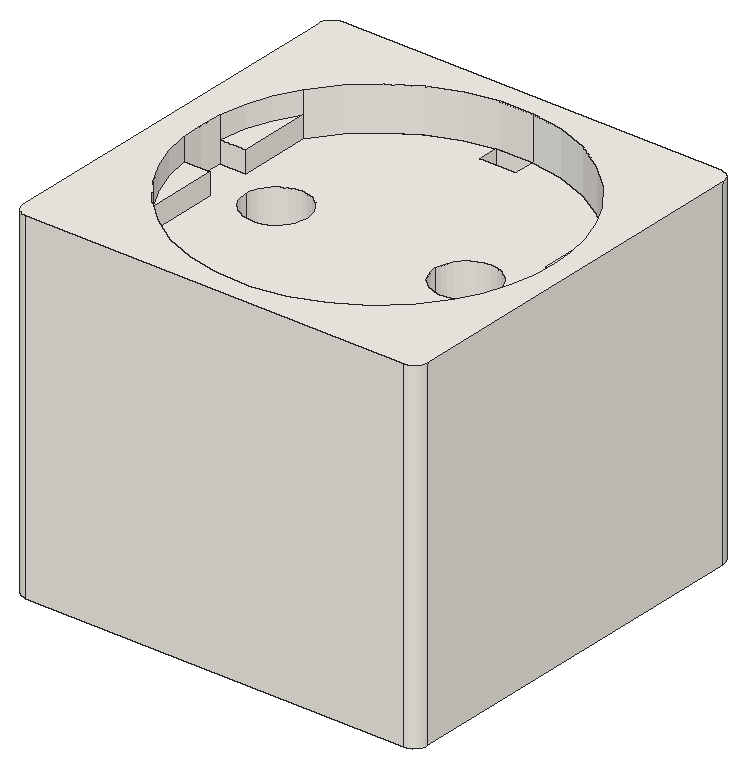
Revit family "Domotics-DomesticRanges-GEWISS-CHORUS_POWER-SOCKET-OUTLET_FAST_WIRING_GER", category Apparecchi elettrici, host Superficie, Revit 2016
Family settings
  Host = Superficie
  Mantenere orientamento annotazione = Sì
  Tipo di parte = Normale
  Quota connettore circolare = Usa diametro
  Taglio con vuoti quando caricato = Sì
  Condiviso = Sì
  Punto di calcolo locali = Sì
Parameters (values of type "GW14241F - Socket outlet 2M 2P+E 16A germ. o.q.wiring titanium")
  Wiring terminals = "Quick, with spring"
  Voltage: = "250 V ac"
  Voltage = "250 V ac"
  Volt = 230 V
  Vista in pianta [instance] = yes
  Version file RFA = "19.0"
  URL = "https://www.gewiss.com/ww/en"
  Type = "Quick wiring"
  Tipo_ = Chorus Prese Ger_GENERICO : GW14241F Presa 2M 2P+T 16A morsetti cabl. rapido standard Tedesco titanio
  Thermo-pressure with ball = "125 °C"
  Terminal tightening capacity rigid cables (mm2) = "min. 0,5 - max. 2x2,5"
  Terminal tightening capacity flexible cables (mm2) = "min. 0,75 - max. 2x4"
  Terminal grip on cable traction = "> 50 N"
  Technical sheet = "https://www.gewiss.com/ww/en/search?q=GW14241F"
  TXT ELETTRICO = "16"
  Standard; = "IEC 60884-1; DIN VDE 0620-1"
  Standard: = "German"
  Standard = "German"
  Simbolo [instance] = yes
  SEO = "Socket outlet"
  Resistance at test voltage = "2000 V at 50 Hz for 1 minute"
  Realized by GEWISS S.p.A. = ""
  Default Elevation = 1219.2 mm
  Prolonged operation (no.of position changes) = "10.000 at In 250 V ac cosØ=0,8"
  Produttore = "GEWISS S.p.A."
  Offset presa [instance] = 0 mm
  Offset bidimensionale [instance] = 2 mm
  No. Chorus modules: = "2"
  No. Chorus modules = "2"
  N. poli = 1
  Modello = "GW14241F"
  Insulation resistance = "> 5 MOhm"
  Immagine tipo = GW14241F.jpg
  IFC.TypeObject = ""
  IFC.ExportType = ""
  IFC.ExportAs = ""
  IDT = "1fcd8efb-8fc7-42a6-9204-03fcfbf25279"
  IDF = "0c5e28e7-5aa1-4d2c-ab25-04cfa7fbd197"
  Glow Wire Test = "850°C"
  For plug pins = "Ø 4.8 mm"
  Electrocod = "0131"
  EAN code = "8011564425040"
  Distanza_x [instance] = 0 mm
  Distanza_effettiva_x [instance] = 1000 mm - Distanza_x  # 1000 mm
  Descrizione = "2M 2P+E 16A GERM.SOCKET O.Q.WIRING TIT."
  Description: = "2P+E - 16A"
  Description. = "Dual amperage socket-outlet"
  Colour = "Titanium"
  Characteristics = "With safety shields"
  Category = "Dual amperage socket-outlet"
  Catalogue Range = "CHORUS - DOMESTIC RANGE"
  Catalogue = "DOMOTICS"
  Carico apparente = 0 VA
  COBie.Tagnumber = ""
  COBie.CreatedOn = ""
  COBie.CreatebBy = ""
  COBie.ComponentRegisterItemID = ""
  COBie.Component.TagNumber = ""
  COBie.Component.Space = ""
  COBie.Component.SerialNumber = ""
  COBie.Component.InstallationDate = ""
  COBie.Component.Description = ""
  COBie.Component.BarCode = ""
  Breaking capacity: = "1.25 In (100 position changes)"
Types (4, lengths in mm): name | Tipo_ | Technical sheet | Modello | Immagine tipo | IDT | EAN code | Descrizione | Colour
  GW10241F - Socket outlet 2M 2P+E 16A de quick wiring white | Chorus Prese Ger_GENERICO : GW10241F Presa 2M 2P+T 16A morsetti cabl. rapido standard Tedesco bianco | "https://www.gewiss.com/ww/en/search?q=GW10241F" | "GW10241F" | GW10241F.jpg | "559c9fe9-6e2f-4cf1-86ac-7e37ce1eb49b" | "8011564425019" | "S. OUT. 2M 2P+E 16A DE QUICK WIRING WH" | "White"
  GW10251F - Socket outlet 2M 2P+E 16A de quick wiring red | Chorus Prese Ger_GENERICO : GW10251F Presa 2M 2P+T 16A morsetti cabl. rapido standard Tedesco rossa | "https://www.gewiss.com/ww/en/search?q=GW10251F" | "GW10251F" | GW10251F.jpg | "ed0c1fca-68ae-4a6e-9665-2b45df9173e0" | "8011564425026" | "S. OUT. 2M 2P+E 16A DE QUICK WIRING RED" | "Red"
  GW12241F - Socket outlet 2M 2P+E 16A germ. o.q.wiring black | Chorus Prese Ger_GENERICO : GW12241F Presa 2M 2P+T 16A morsetti cabl. rapido standard Tedesco nero | "https://www.gewiss.com/ww/en/search?q=GW12241F" | "GW12241F" | GW12241F.jpg | "baacfc54-0b62-4ca2-8118-2def3ef16edd" | "8011564425033" | "2M 2P+E 16A GERM.SOCKET O.Q.WIRING BLACK" | "Black"
  GW14241F - Socket outlet 2M 2P+E 16A germ. o.q.wiring titanium | Chorus Prese Ger_GENERICO : GW14241F Presa 2M 2P+T 16A morsetti cabl. rapido standard Tedesco titanio | "https://www.gewiss.com/ww/en/search?q=GW14241F" | "GW14241F" | GW14241F.jpg | "1fcd8efb-8fc7-42a6-9204-03fcfbf25279" | "8011564425040" | "2M 2P+E 16A GERM.SOCKET O.Q.WIRING TIT." | "Titanium"
Reference planes
  plane 1 "Centro (Fronte/Retro)": y = 0
  plane 2: z = 0
  plane 3 "Centro (Sinistra/Destra)": x = 0
  plane 4: x = -1000
  plane 5: x = 0
  plane 6: z = 41
  plane 7: z = 0
  plane 8: z = 39
Lines and regions (mm)
  Masking region 1, visible <- "Vista in pianta"
    outline origin (0, 0, 0) x (1, 0, 0) y (0, 1, 0)
      loop
        line (-23, 21) -> (-23, -21)
        arc (-23, -21) -> (-22.561, -22.061) -> (-21.5, -22.5) r 1.5
        line (-21.5, -22.5) -> (21.5, -22.5)
        arc (21.5, -22.5) -> (22.561, -22.061) -> (23, -21) r 1.5
        line (23, -21) -> (23, 21)
        arc (23, 21) -> (22.561, 22.061) -> (21.5, 22.5) r 1.5
        line (21.5, 22.5) -> (-21.5, 22.5)
        arc (-21.5, 22.5) -> (-22.561, 22.061) -> (-23, 21) r 1.5
      loop
        circle (-10.781, -0.293) r 3.536
      loop
        circle (10.781, -0.293) r 3.536
      loop
        arc (-16.577, -10.706) -> (-8.57, -18) -> (2.056, -20.095) r 20.156
        arc (2.056, -20.095) -> (10.933, -17.246) -> (17.577, -10.706) r 20.156
        arc (17.577, -10.706) -> (19.481, -6.781) -> (20.495, -2.538) r 20.156
        arc (20.495, -2.538) -> (20.656, 0) -> (20.495, 2.538) r 20.156
        arc (20.495, 2.538) -> (19.481, 6.781) -> (17.577, 10.706) r 20.156
        arc (17.577, 10.706) -> (10.933, 17.246) -> (2.056, 20.095) r 20.156
        arc (2.056, 20.095) -> (-8.57, 18) -> (-16.577, 10.706) r 20.156
        arc (-16.577, 10.706) -> (-18.481, 6.781) -> (-19.495, 2.538) r 20.156
        arc (-19.495, 2.538) -> (-19.656, 0) -> (-19.495, -2.538) r 20.156
        arc (-19.495, -2.538) -> (-18.481, -6.781) -> (-16.577, -10.706) r 20.156
      loop
        arc (-16.577, 10.325) -> (-18.342, 6.573) -> (-19.294, 2.538) r 19.956
        line (-19.294, 2.538) -> (-16.577, 2.538) -> (-16.577, 10.325)
      loop
        line (17.577, 2.538) -> (20.294, 2.538)
        arc (20.294, 2.538) -> (19.342, 6.573) -> (17.577, 10.325) r 19.956
        line (17.577, 10.325) -> (17.577, 2.538)
      loop
        arc (2.056, 19.895) -> (-0.003, 19.949) -> (-2.056, 19.791) r 19.956
        line (-2.056, 19.791) -> (-2.056, 17.726) -> (2.056, 17.726) -> (2.056, 19.895)
      loop
        line (-16.577, -10.325) -> (-16.577, -2.538) -> (-19.294, -2.538)
        arc (-19.294, -2.538) -> (-18.342, -6.573) -> (-16.577, -10.325) r 19.956
      loop
        line (17.577, -2.538) -> (17.577, -10.325)
        arc (17.577, -10.325) -> (19.342, -6.573) -> (20.294, -2.538) r 19.956
        line (20.294, -2.538) -> (17.577, -2.538)
      loop
        line (2.056, -19.895) -> (2.056, -17.726) -> (-2.056, -17.726) -> (-2.056, -19.791)
        arc (-2.056, -19.791) -> (-0.003, -19.949) -> (2.056, -19.895) r 19.956
  Masking region 2, visible <- "Vista in pianta"
    outline origin (0, 0, 0) x (1, 0, 0) y (0, 0, 1)
      loop
        line (-23, 39) -> (-23, 0) -> (23, 0) -> (23, 39) -> (-23, 39)
  Masking region 3, visible <- "Vista in pianta"
    outline origin (0, 0, 0) x (0, 1, 0) y (0, 0, 1)
      loop
        line (22.5, 0) -> (22.5, 39) -> (-22.5, 39) -> (-22.5, 0) -> (22.5, 0)
Dimensions and locks
  plane 4 to plane 3 "Centro (Sinistra/Destra)" = 1000 mm
  "Distanza_effettiva_x": plane 4 to plane 5
  "Offset presa": plane 7 to host face
  locked: plane 8 to plane 7 at 39
  "Offset bidimensionale": plane 6 to plane 8
  aligned and locked: plane 2 to host face
  aligned and locked: level to host face
  aligned and locked: plane 5 to nested 1
  aligned and locked: plane 8 to Masking region 2 sketch curve
  aligned and locked: plane 7 to Masking region 2 sketch curve
  aligned and locked: plane 8 to Masking region 3 sketch curve
  aligned and locked: plane 7 to Masking region 3 sketch curve
  aligned and locked: import instance to plane 6
  aligned and locked: plane 5 to nested 2
  aligned and locked: plane 1 "Centro (Fronte/Retro)" to nested 2
  aligned and locked: nested 2 to plane 7  (x2)
  aligned and locked: nested 2 to plane 8  (x2)
  aligned and locked: Masking region 3 to plane 7
  aligned and locked: plane 7 to nested 2
  aligned and locked: Masking region 3 to plane 8
  aligned and locked: plane 8 to nested 2
Automatic sketch dimensions
  host sketch curve to host sketch curve = 2438.4 mm  (x2)
  Masking region 1 sketch curve to Masking region 1 sketch curve = 0 mm  (x38)
  plane 1 "Centro (Fronte/Retro)" to Masking region 1 sketch curve = 0 mm
  Masking region 1 sketch curve to Masking region 1 sketch curve = 1.5 mm  (x4)
  plane 1 "Centro (Fronte/Retro)" to Masking region 1 sketch curve = 2.538 mm  (x2)
  Masking region 1 sketch curve to Masking region 1 sketch curve = 2.206 mm
  Masking region 1 sketch curve to Masking region 1 sketch curve = 2.717 mm  (x4)
  plane 1 "Centro (Fronte/Retro)" to Masking region 1 sketch curve = 0.293 mm  (x2)
  Masking region 1 sketch curve to Masking region 1 sketch curve = 5.796 mm
  Masking region 1 sketch curve to plane 3 "Centro (Sinistra/Destra)" = 2.056 mm  (x2)
  plane 3 "Centro (Sinistra/Destra)" to Masking region 1 sketch curve = 0.5 mm
  plane 3 "Centro (Sinistra/Destra)" to Masking region 1 sketch curve = 2.056 mm  (x2)
  Masking region 1 sketch curve to Masking region 1 sketch curve = 10.281 mm
  Masking region 1 sketch curve to Masking region 1 sketch curve = 5.423 mm
  Masking region 1 sketch curve to Masking region 1 sketch curve = 9.57 mm
  Masking region 1 sketch curve to Masking region 1 sketch curve = 2.169 mm
  Masking region 1 sketch curve to plane 1 "Centro (Fronte/Retro)" = 2.538 mm  (x2)
  Masking region 1 sketch curve to Masking region 1 sketch curve = 7.401 mm
  Masking region 1 sketch curve to Masking region 1 sketch curve = 2.065 mm
  Masking region 1 sketch curve to Masking region 1 sketch curve = 0.202 mm  (x4)
  Masking region 1 sketch curve to Masking region 1 sketch curve = 2.261 mm
  Masking region 1 sketch curve to Masking region 1 sketch curve = 3.536 mm
  Masking region 1 sketch curve to Masking region 1 sketch curve = 0.201 mm
  Masking region 1 sketch curve to plane 3 "Centro (Sinistra/Destra)" = 10.781 mm
  Masking region 1 sketch curve to plane 1 "Centro (Fronte/Retro)" = 10.325 mm
  Masking region 1 sketch curve to Masking region 1 sketch curve = 10.294 mm  (x2)
  Masking region 2 sketch curve to plane 3 "Centro (Sinistra/Destra)" = 23 mm
  plane 3 "Centro (Sinistra/Destra)" to Masking region 2 sketch curve = 23 mm
  plane 1 "Centro (Fronte/Retro)" to Masking region 3 sketch curve = 22.5 mm
  Masking region 3 sketch curve to plane 1 "Centro (Fronte/Retro)" = 22.5 mm
Nested families
  nested 1: "SIMBOLO PRESE" at (0, 100, 0), TESTO ELETTRICO <- "TXT ELETTRICO", SIMBOLO <- "Simbolo", visible <- "Simbolo", type "PRESA"
    with TESTO ELETTRICO "16", SIMBOLO yes, Distanza dal muro 4.208 mm, BORDO ACCESO yes
  nested 2: "Chorus Prese Ger_GENERICO" at (0, 0, 0), type <- "Tipo_", type "GW14241F Presa 2M 2P+T 16A morsetti cabl. rapido standard Tedesco titanio", detail levels medium+fine
Definition of nested family "Chorus Prese Ger_GENERICO"
  Parameters (values of type "GW10241F Presa 2M 2P+T 16A morsetti cabl. rapido standard Tedesco bianco")
    Profondità presa = 39 mm
    Finitura Prese Israele = none
    Altezza da Terra = 750 mm
  Types (4): name
    GW10241F Presa 2M 2P+T 16A morsetti cabl. rapido standard Tedesco bianco
    GW10251F Presa 2M 2P+T 16A morsetti cabl. rapido standard Tedesco rossa
    GW12241F Presa 2M 2P+T 16A morsetti cabl. rapido standard Tedesco nero
    GW14241F Presa 2M 2P+T 16A morsetti cabl. rapido standard Tedesco titanio
  Reference planes
    plane 1 "Centro (Fronte/Retro)": y = 0
    plane 2: z = 0
    plane 3 "Centro (Sinistra/Destra)": x = 0
    plane 4: y = -22.5
    plane 5: y = 22.5
    plane 6: x = -23
    plane 7: x = 23
    plane 8: z = 34
    plane 9: z = 0
    plane 10: z = 36.5
    plane 11: z = 39
  Forms (mm)
    Extrusion 1, solid, material <- "Finitura Prese Israele"
      sketch origin (0, -772.5, 39) x (1, 0, 0) y (0, 1, 0)
        loop
          arc (-21.5, 795) -> (-22.561, 794.561) -> (-23, 793.5) r 1.5
          line (-23, 793.5) -> (-23, 751.5)
          arc (-23, 751.5) -> (-22.561, 750.439) -> (-21.5, 750) r 1.5
          line (-21.5, 750) -> (21.5, 750)
          arc (21.5, 750) -> (22.561, 750.439) -> (23, 751.5) r 1.5
          line (23, 751.5) -> (23, 793.5)
          arc (23, 793.5) -> (22.561, 794.561) -> (21.5, 795) r 1.5
          line (21.5, 795) -> (-21.5, 795)
      from 0 to -39
    Extrusion 2, void
      sketch origin (0, -772.5, 39) x (1, 0, 0) y (0, 1, 0)
        loop
          arc (-19.495, 775.038) -> (-19.656, 772.5) -> (-19.495, 769.962) r 20.156
          line (-19.495, 769.962) -> (-16.577, 769.962) -> (-16.577, 761.794)
          arc (-16.577, 761.794) -> (-8.57, 754.5) -> (2.056, 752.405) r 20.156
          arc (2.056, 752.405) -> (10.933, 755.254) -> (17.577, 761.794) r 20.156
          line (17.577, 761.794) -> (17.577, 769.962) -> (20.495, 769.962)
          arc (20.495, 769.962) -> (20.656, 772.5) -> (20.495, 775.038) r 20.156
          line (20.495, 775.038) -> (17.577, 775.038) -> (17.577, 783.206)
          arc (17.577, 783.206) -> (10.933, 789.746) -> (2.056, 792.595) r 20.156
          arc (2.056, 792.595) -> (-8.57, 790.5) -> (-16.577, 783.206) r 20.156
          line (-16.577, 783.206) -> (-16.577, 775.038) -> (-19.495, 775.038)
      from -5 to 0
    Extrusion 3, void
      sketch origin (0, -772.5, 39) x (1, 0, 0) y (0, 1, 0)
        loop
          arc (-19.495, 769.962) -> (-18.481, 765.719) -> (-16.577, 761.794) r 20.156
          line (-16.577, 761.794) -> (-16.577, 769.962) -> (-19.495, 769.962)
        loop
          line (20.495, 769.962) -> (17.577, 769.962) -> (17.577, 761.794)
          arc (17.577, 761.794) -> (19.481, 765.719) -> (20.495, 769.962) r 20.156
        loop
          arc (-2.056, 752.507) -> (-0.003, 752.351) -> (2.056, 752.405) r 20.156
          line (2.056, 752.405) -> (2.056, 754.774) -> (-2.056, 754.774) -> (-2.056, 752.507)
        loop
          line (-16.577, 775.038) -> (-16.577, 783.206)
          arc (-16.577, 783.206) -> (-18.481, 779.281) -> (-19.495, 775.038) r 20.156
          line (-19.495, 775.038) -> (-16.577, 775.038)
        loop
          arc (20.495, 775.038) -> (19.481, 779.281) -> (17.577, 783.206) r 20.156
          line (17.577, 783.206) -> (17.577, 775.038) -> (20.495, 775.038)
        loop
          line (2.056, 790.226) -> (2.056, 792.595)
          arc (2.056, 792.595) -> (-0.003, 792.649) -> (-2.056, 792.493) r 20.156
          line (-2.056, 792.493) -> (-2.056, 790.226) -> (2.056, 790.226)
      from -2.5 to 0
    Extrusion 4, void
      sketch origin (0, -772.5, 39) x (1, 0, 0) y (0, 1, 0)
        loop
          circle (10.781, 772.207) r 3.536
        loop
          circle (-10.781, 772.207) r 3.536
      from -20 to -5
    Extrusion 5, void
      sketch origin (0, -772.5, 39) x (1, 0, 0) y (0, 1, 0)
        loop
          line (-2.056, 792.493) -> (-2.056, 790.226) -> (2.056, 790.226) -> (2.056, 792.595)
          arc (2.056, 792.595) -> (-0.003, 792.649) -> (-2.056, 792.493) r 20.156
        loop
          arc (-2.056, 752.507) -> (-0.003, 752.351) -> (2.056, 752.405) r 20.156
          line (2.056, 752.405) -> (2.056, 754.774) -> (-2.056, 754.774) -> (-2.056, 752.507)
      from -20 to -5
  Cuts and joins
    Extrusion 2, Extrusion 3, Extrusion 4, Extrusion 5 cuts Extrusion 1
  Dimensions and locks
    "Profondità presa": plane 11 to level
    aligned and locked: level to plane 2
    aligned and locked: Extrusion 1 to plane 9
    aligned and locked: Extrusion 2 to plane 8
    aligned and locked: Extrusion 3 to plane 10
    aligned and locked: plane 8 to Extrusion 4
    aligned and locked: plane 8 to Extrusion 5
  Automatic sketch dimensions
    Extrusion 1 sketch curve to plane 6 = 0 mm
    Extrusion 1 sketch curve to plane 4 = 0 mm
    Extrusion 1 sketch curve to plane 5 = 0 mm
    Extrusion 1 sketch curve to plane 7 = 0 mm
    plane 6 to Extrusion 1 sketch curve = 1.5 mm  (x2)
    Extrusion 1 sketch curve to plane 7 = 1.5 mm  (x2)
    Extrusion 2 sketch curve to Extrusion 2 sketch curve = 0 mm  (x32)
    plane 1 "Centro (Fronte/Retro)" to Extrusion 2 sketch curve = 0 mm
    plane 6 to Extrusion 2 sketch curve = 3.505 mm
    plane 1 "Centro (Fronte/Retro)" to Extrusion 2 sketch curve = 2.538 mm
    Extrusion 2 sketch curve to Extrusion 2 sketch curve = 2.918 mm  (x2)
    plane 3 "Centro (Sinistra/Destra)" to Extrusion 2 sketch curve = 0.5 mm
    Extrusion 2 sketch curve to plane 7 = 5.423 mm
    Extrusion 2 sketch curve to plane 1 "Centro (Fronte/Retro)" = 2.538 mm
    Extrusion 2 sketch curve to plane 7 = 2.505 mm  (x2)
    Extrusion 2 sketch curve to Extrusion 2 sketch curve = 8.169 mm  (x2)
    plane 3 "Centro (Sinistra/Destra)" to Extrusion 2 sketch curve = 2.056 mm  (x2)
    Extrusion 3 sketch curve to Extrusion 3 sketch curve = 0 mm  (x32)
    plane 1 "Centro (Fronte/Retro)" to Extrusion 3 sketch curve = 0 mm
    plane 6 to Extrusion 3 sketch curve = 3.505 mm
    Extrusion 3 sketch curve to Extrusion 3 sketch curve = 2.918 mm  (x2)
    Extrusion 3 sketch curve to plane 3 "Centro (Sinistra/Destra)" = 2.056 mm  (x2)
    plane 3 "Centro (Sinistra/Destra)" to Extrusion 3 sketch curve = 0.5 mm
    plane 3 "Centro (Sinistra/Destra)" to Extrusion 3 sketch curve = 2.056 mm  (x2)
    Extrusion 3 sketch curve to plane 1 "Centro (Fronte/Retro)" = 2.538 mm  (x2)
    Extrusion 3 sketch curve to plane 7 = 5.423 mm  (x2)
    Extrusion 3 sketch curve to plane 7 = 2.505 mm  (x2)
    plane 1 "Centro (Fronte/Retro)" to Extrusion 3 sketch curve = 2.538 mm  (x2)
    Extrusion 3 sketch curve to Extrusion 3 sketch curve = 8.169 mm
    plane 4 to Extrusion 3 sketch curve = 4.774 mm
    Extrusion 3 sketch curve to Extrusion 3 sketch curve = 2.369 mm
    Extrusion 3 sketch curve to plane 5 = 4.774 mm
    Extrusion 3 sketch curve to Extrusion 3 sketch curve = 2.267 mm
    plane 1 "Centro (Fronte/Retro)" to Extrusion 4 sketch curve = 0.293 mm  (x2)
    Extrusion 4 sketch curve to plane 3 "Centro (Sinistra/Destra)" = 10.781 mm
    plane 3 "Centro (Sinistra/Destra)" to Extrusion 4 sketch curve = 10.781 mm
    Extrusion 5 sketch curve to Extrusion 5 sketch curve = 0 mm  (x2)
    plane 1 "Centro (Fronte/Retro)" to Extrusion 5 sketch curve = 0 mm
    Extrusion 5 sketch curve to plane 3 "Centro (Sinistra/Destra)" = 2.056 mm  (x2)
    plane 3 "Centro (Sinistra/Destra)" to Extrusion 5 sketch curve = 0.5 mm
    plane 3 "Centro (Sinistra/Destra)" to Extrusion 5 sketch curve = 2.056 mm  (x2)
    plane 4 to Extrusion 5 sketch curve = 4.774 mm
    Extrusion 5 sketch curve to Extrusion 5 sketch curve = 2.267 mm  (x2)
    Extrusion 5 sketch curve to plane 5 = 4.774 mm
    radius of Extrusion 4 sketch curve = 3.536 mm  (x2)
Definition of nested family "SIMBOLO PRESE"
  Parameters (values of type "PRESA")
    TESTO ELETTRICO [instance] = "TXT"
    Simbolo = SIMBOLO PRESE_BASE : PRESA
    SIMBOLO [instance] = yes
    Distanza dal muro [instance] = 4.208 mm
    BORDO ACCESO [instance] = yes
  Reference planes
    plane 1: y = 0
    plane 2: x = 0
  Dimensions and locks
    aligned and locked: plane 1 to nested 1
    aligned and locked: plane 2 to nested 1
  Nested families
    nested 1: "SIMBOLO PRESE_BASE" at (0, 0, 0), type <- "Simbolo", TESTO ELETTRICO <- "TESTO ELETTRICO", BORDO ACCESO <- "BORDO ACCESO", visible <- "SIMBOLO", type "PRESA"
      with TESTO ELETTRICO "TXT", BORDO ACCESO yes
  Definition of nested family "SIMBOLO PRESE_BASE"
    Parameters (values of type "PRESA")
      TESTO ELETTRICO [instance] = "TXT"
      Distanza dal muro = 4.208 mm
      BORDO ACCESO [instance] = yes
    Reference planes
      plane 1: y = 0
      plane 2: x = 0
    Lines and regions (mm)
      detail lines, visible <- "BORDO ACCESO", not visible
        curve 1: line (-1.743, 9.208, 0) -> (2.057, 9.208, 0)
        curve 2: line (2.057, 9.208, 0) -> (2.057, 4.208, 0)
        curve 3: line (2.057, 4.208, 0) -> (-1.743, 4.208, 0)
        curve 4: line (-1.743, 4.208, 0) -> (-1.743, 9.208, 0)
        curve 5: line (-1.543, 9.008, 0) -> (1.857, 9.008, 0)
        curve 6: line (1.857, 9.008, 0) -> (1.857, 4.408, 0)
        curve 7: line (1.857, 4.408, 0) -> (-1.543, 4.408, 0)
        curve 8: line (-1.543, 4.408, 0) -> (-1.543, 9.008, 0)
      detail lines
        curve 9: line (0.783, 1.133, 0) -> (-0.783, 1.133, 0)
        curve 10: line (0, 1.133, 0) -> (0, 0.349, 0)
        curve 11: arc (-0.783, 1.916, 0) -> (0, 1.133, 0) -> (0.783, 1.916, 0) r 0.783
    Text (mm)
      label "TXT" at (0.016, 1.578, 0), shows "TESTO ELETTRICO"
